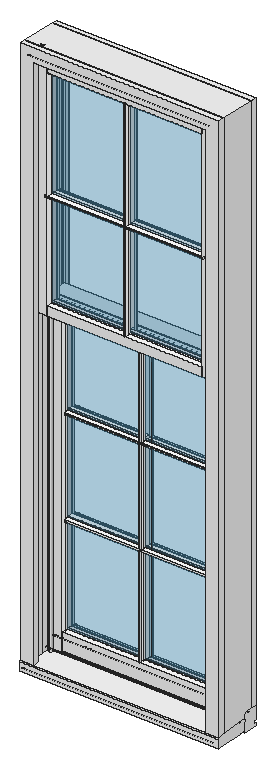
Revit family "S1-46", category Generic Models, Revit 2012
Parameters (values of type "Window Sill drawing")
  Width = 757 mm
  Height = 2144 mm
  GlazingPanelMaterial = Glass
  Floor Material = White
Reference planes
  plane 1 "Center (Front/Back)": y = 0
  plane 2: z = 0
  plane 3 "Center (Left/Right)": x = 0
  plane 4: z = 33
  plane 5: x = -714
  plane 6: x = -750
  plane 7: x = -718
  plane 8: x = 7
  plane 9: y = 67
  plane 10: y = -67
  plane 11: x = -25
  plane 12: z = 2144
  plane 13: z = 2112
  plane 14: y = -35.88
  plane 15: x = -705.5
  plane 16: x = -29
  plane 17: y = 35.12
  plane 18: x = -705.5
  plane 19: z = 622
  plane 20: z = 117
  plane 21: y = 72.25
  plane 22: x = -371.5
  plane 23: y = -35.88
  plane 24: x = -36
  plane 25: y = 35.12
  plane 26: x = -36
  plane 27: z = 1273.98
  plane 28: z = 1283.98
  plane 29: y = 46.992
  plane 30: y = 46.992
  plane 31: y = 46.992
  plane 32: z = 501.251
  plane 33: z = 2108
  plane 34: z = 1628
  plane 35: y = 46.992
  plane 36: y = 46.992
  plane 37: y = 46.992
  plane 38: y = -26.758
  plane 39: y = -26.758
  plane 40: y = -26.758
  plane 41: z = 1230.52
  plane 42: z = 857.04
  plane 43: y = 46.992
  plane 44: y = 46.992
  plane 45: y = 46.992
Forms (mm)
  Extrusion 1, solid, not visible
    sketch origin (0, 0, 9.375) x (0, 1, 0) y (0, 0, 1)
      loop
        line (94.662, 311.911) -> (94.314, 312.868) -> (95.314, 312.868) -> (93.454, 317.977) -> (86.115, 317.977) -> (85.011, 317.575) -> (64.143, 317.575) -> (64.143, 311.911) -> (94.662, 311.911)
    from 0 to 250
  Extrusion 2, solid, not visible
    sketch origin (0, 0, 9.375) x (0, 1, 0) y (0, 0, 1)
      loop
        line (93.688, 317.334) -> (85.92, 317.334) -> (87.101, 312.926) -> (95.293, 312.926) -> (93.688, 317.334)
      loop
        line (91.853, 322.376) -> (91.853, 328.194)
        arc (91.853, 328.194) -> (91.424, 329.231) -> (90.388, 329.66) r 1.465
        line (90.388, 329.66) -> (71.853, 329.66) -> (71.853, 322.376) -> (91.853, 322.376)
      loop
        line (73.373, 320.598) -> (64.143, 320.598) -> (64.143, 317.575) -> (73.373, 317.575) -> (73.373, 320.598)
      loop
        line (61.169, 311.884) -> (61.169, 316.884) -> (56.169, 316.884)
        arc (56.169, 316.884) -> (53.926, 317.813) -> (52.996, 320.057) r 3.173
        line (52.996, 320.057) -> (52.996, 327.594)
        arc (52.996, 327.594) -> (53.247, 329.284) -> (54.656, 330.25) r 2.138
        line (54.656, 330.25) -> (56.493, 330.25)
        arc (56.493, 330.25) -> (57.939, 329.727) -> (58.925, 328.548) r 2.95
        line (58.925, 328.548) -> (59.306, 324.922) -> (61.24, 324.922) -> (60.612, 330.901)
        arc (60.612, 330.901) -> (59.723, 332.646) -> (57.894, 333.348) r 2.733
        line (57.894, 333.348) -> (52.423, 333.348)
        arc (52.423, 333.348) -> (50.164, 330.795) -> (49.999, 327.391) r 5.139
        line (49.999, 327.391) -> (47.957, 316.884)
        arc (47.957, 316.884) -> (49.179, 314.507) -> (49.698, 311.884) r 9.583
        line (49.698, 311.884) -> (61.169, 311.884)
    from 0 to 250
  Extrusion 3, solid, not visible
    sketch origin (-848.022, -244.537, 0) x (1, 0, 0) y (0, 1, 0)
      loop
        line (-156.504, 643.402) -> (-146.504, 653.402) -> (-146.504, 655.402) -> (-162.504, 655.402) -> (-162.504, 703.402) -> (-199.504, 703.402)
        arc (-199.504, 703.402) -> (-201.625, 702.524) -> (-202.504, 700.402) r 3
        line (-202.504, 700.402) -> (-202.504, 695.402) -> (-196.504, 695.402) -> (-196.504, 692.402) -> (-202.504, 692.402) -> (-202.504, 679.402) -> (-196.504, 679.402) -> (-196.504, 667.402) -> (-202.504, 667.402) -> (-202.504, 646.402)
        arc (-202.504, 646.402) -> (-201.625, 644.281) -> (-199.504, 643.402) r 3
        line (-199.504, 643.402) -> (-156.504, 643.402)
    from 672 to 1294
  Extrusion 4, solid, not visible
    sketch origin (-848.022, -244.537, 0) x (1, 0, 0) y (0, 1, 0)
      loop
        line (-162.504, 700.402) -> (-162.504, 681.402) -> (-150.504, 681.402) -> (-150.504, 684.402) -> (-146.504, 685.402) -> (-146.504, 689.402) -> (-149.504, 689.402)
        arc (-149.504, 689.402) -> (-151.847, 695.059) -> (-157.504, 697.402) r 8
        line (-157.504, 697.402) -> (-157.504, 700.402) -> (-162.504, 700.402)
    from 672 to 1294
  Extrusion 5, solid, not visible
    sketch origin (-511.418, -643.152, -230) x (1, 0, 0) y (0, 1, 0)
      loop
        line (-200.504, 641.902) -> (-200.504, 638.902) -> (-198.254, 638.902) -> (-198.254, 634.902) -> (-195.818, 634.902) -> (-195.818, 638.902) -> (-193.504, 638.902) -> (-193.504, 641.902) -> (-195.282, 641.902) -> (-195.282, 641.116) -> (-194.482, 641.116) -> (-194.482, 639.814) -> (-199.81, 639.814) -> (-199.81, 641.116) -> (-199.01, 641.116) -> (-199.01, 641.902) -> (-200.504, 641.902)
    from 230 to 852
  Extrusion 6, solid, not visible
    sketch origin (-511.418, -643.152, -140) x (1, 0, 0) y (0, 1, 0)
      loop
        line (-194.482, 639.814) -> (-194.482, 641.116) -> (-199.81, 641.116) -> (-199.81, 639.814) -> (-194.482, 639.814)
    from 140 to 762
  Extrusion 7, solid, not visible
    sketch origin (-511.418, -643.152, 0) x (1, 0, 0) y (0, 1, 0)
      loop
        spline (-199.847, 645.779) -> (-199.478, 645.505) -> (-199.241, 645.183) -> (-199.108, 644.823) -> (-199.048, 644.431) -> (-199.033, 644.016) -> (-199.035, 643.585) -> (-199.023, 643.147) -> (-198.97, 642.709) -> (-198.847, 642.279) -> (-198.624, 641.865) -> (-198.272, 641.475) -> (-197.764, 641.116)
        line (-197.764, 641.116) -> (-196.529, 641.116)
        spline (-196.529, 641.116) -> (-195.991, 641.457) -> (-195.612, 641.839) -> (-195.363, 642.251) -> (-195.215, 642.684) -> (-195.139, 643.129) -> (-195.106, 643.577) -> (-195.086, 644.017) -> (-195.05, 644.441) -> (-194.969, 644.838) -> (-194.814, 645.2) -> (-194.556, 645.517) -> (-194.166, 645.779)
        line (-194.166, 645.779) -> (-199.847, 645.779)
    from 0 to 622
  Sweep 8, solid, material "White" <- "Floor Material"
    path origin (0, 0, 0) x (1, 0, 0) y (0, 0, 1)
      loop
        line (-725, 33) -> (-725, 2119) -> (-18, 2119) -> (-18, 33)
    profile origin (-371.5, 0, 2119) x (0, 0, 1) y (0, -1, 0)
      loop
        line (0, -4) -> (0, 4) -> (-17.634, 4) -> (-17.634, 2.635) -> (-15.193, 2.635) -> (-15.193, 1.135) -> (-22.193, 1.135) -> (-22.193, 2.635) -> (-19.789, 2.635) -> (-19.789, 4) -> (-21, 4)
        arc (-21, 4) -> (-25, 0) -> (-21, -4) r 4
        line (-21, -4) -> (0, -4)
  Sweep 9, solid, material "White" <- "Floor Material"
    path origin (0, 87, 0) x (1, 0, 0) y (0, 0, 1)
      loop
        line (7, 68.003) -> (7, 2144) -> (-750, 2144) -> (-750, 68.003)
    profile origin (-371.5, 87, 2144) x (0, 0, -1) y (0, -1, 0)
      loop
        line (0, 20) -> (0, 0) -> (32, 0) -> (32, 20) -> (23, 20) -> (23, 15) -> (15, 15) -> (15, 20) -> (0, 20)
  Sweep 10, solid, material "White" <- "Floor Material"
    path origin (0, -87, 0) x (1, 0, 0) y (0, 0, -1)
      loop
        line (7, -33) -> (7, -2144) -> (-750, -2144) -> (-750, -33)
    profile origin (-371.5, -87, 2144) x (0, 0, 1) y (0, 1, 0)
      loop
        line (0, 0) -> (0, 20) -> (-15, 20) -> (-15, 15) -> (-23, 15) -> (-23, 20) -> (-38, 20) -> (-38, 17) -> (-40.25, 17) -> (-40.25, 13) -> (-42.75, 13) -> (-42.75, 17) -> (-45, 17) -> (-45, 20) -> (-50, 20) -> (-50, 0) -> (0, 0)
  Sweep 11, solid, material "White" <- "Floor Material"
    path origin (0, 67, 0) x (-1, 0, 0) y (0, 0, -1)
      loop
        line (718, -2112) -> (718, -68) -> (25, -68) -> (25, -2112) -> (718, -2112)
    profile origin (-371.5, 67, 2112) x (0, 0, 1) y (0, -1, 0)
      loop
        line (0, -14) -> (0, 0) -> (-6.422, 0) -> (-6.422, -1.526) -> (-4.982, -1.526) -> (-4.982, -3.026) -> (-9.982, -3.026) -> (-9.982, -1.526) -> (-8.578, -1.526) -> (-8.578, 0) -> (-15, 0) -> (-15, -14)
        arc (-15, -14) -> (-9, -20) -> (-3, -14) r 6
        line (-3, -14) -> (0, -14)
  Extrusion 12, solid, material "White" <- "Floor Material"
    sketch origin (2366.619, -1603.085, 0) x (1, 0, 0) y (0, 1, 0)
      loop
        arc (-3077.619, 1597.085) -> (-3079.741, 1596.207) -> (-3080.619, 1594.085) r 3
        line (-3080.619, 1594.085) -> (-3080.619, 1589.085) -> (-3074.619, 1589.085) -> (-3074.619, 1586.085) -> (-3080.619, 1586.085) -> (-3080.619, 1577.085) -> (-3071.619, 1577.085)
        arc (-3071.619, 1577.085) -> (-3061.619, 1567.085) -> (-3071.619, 1557.085) r 10
        line (-3071.619, 1557.085) -> (-3080.619, 1557.085) -> (-3080.619, 1540.085)
        arc (-3080.619, 1540.085) -> (-3079.741, 1537.964) -> (-3077.619, 1537.085) r 3
        line (-3077.619, 1537.085) -> (-3034.619, 1537.085) -> (-3024.619, 1547.085) -> (-3024.619, 1549.085) -> (-3040.619, 1549.085) -> (-3040.619, 1597.085) -> (-3077.619, 1597.085)
    from 1230.52 to 2102.018
  Extrusion 13, solid
    sketch origin (2366.119, -1602.966, 373.48) x (1, 0, 0) y (0, 1, 0)
      loop
        circle (-3071.619, 1567.085) r 5
      loop
        circle (-3071.619, 1567.085) r 8.5
    from 932.713 to 1738
  Extrusion 14, solid, material "White" <- "Floor Material"
    sketch origin (0, -3460.083, 649.392) x (0, 1, 0) y (0, 0, 1)
      loop
        line (3432.083, 609.128) -> (3406.083, 609.128) -> (3406.083, 625.128) -> (3404.083, 625.128) -> (3394.083, 615.128) -> (3394.083, 581.128) -> (3418.083, 581.128) -> (3418.083, 586.128) -> (3430.083, 586.128) -> (3430.083, 581.128) -> (3461.083, 581.128) -> (3461.083, 586.128) -> (3459.083, 596.128) -> (3454.083, 596.128) -> (3454.083, 606.128) -> (3448.083, 606.128) -> (3448.083, 609.128) -> (3454.083, 609.128) -> (3454.083, 625.128) -> (3436.083, 625.128) -> (3435.083, 621.128) -> (3432.083, 621.128) -> (3432.083, 609.128)
    from -668 to -75
  Sweep 15, solid, material "White" <- "Floor Material"
    path origin (0.117, -27.5, -0.107) x (1, 0, 0) y (0, 0, 1)
      loop
        line (-674, 1274.646) -> (-674, 2067.587) -> (-69.217, 2067.587) -> (-69.217, 1274.646)
    profile origin (-371.491, -27.5, 2067.48) x (0, 0, 1) y (0, -1, 0)
      loop
        line (-4.893, -19) -> (0.107, -19) -> (0.107, 0) -> (-11.893, 0) -> (-11.893, -3) -> (-15.893, -4) -> (-15.893, -8) -> (-12.893, -8)
        arc (-12.893, -8) -> (-10.55, -13.657) -> (-4.893, -16) r 8
        line (-4.893, -16) -> (-4.893, -19)
  Extrusion 16, solid, material "White" <- "Floor Material"
    sketch origin (0, -3459.584, -3.128) x (0, 1, 0) y (0, 0, 1)
      loop
        line (3466.244, 47.894) -> (3371.218, 36.226)
        arc (3371.218, 36.226) -> (3369.337, 35.236) -> (3368.583, 33.248) r 3
        line (3368.583, 33.248) -> (3368.583, 3.128) -> (3373.583, 3.128) -> (3373.583, 5.128)
        arc (3373.583, 5.128) -> (3376.583, 8.128) -> (3379.583, 5.128) r 3
        line (3379.583, 5.128) -> (3379.583, 3.128) -> (3472.583, 3.128) -> (3472.583, 8.128) -> (3492.583, 8.128) -> (3492.583, 36.128) -> (3497.583, 36.128) -> (3497.583, 51.128) -> (3492.583, 51.128) -> (3469.505, 48.362) -> (3472.423, 46.122)
        arc (3472.423, 46.122) -> (3472.937, 44.504) -> (3471.279, 44.138) r 1.15
        line (3471.279, 44.138) -> (3466.244, 47.894)
    from -750 to 7
  Extrusion 17, solid, material "White" <- "Floor Material"
    sketch origin (0, -3459.584, -3.128) x (0, 1, 0) y (0, 0, 1)
      loop
        line (3526.583, 71.128) -> (3509.696, 69.054)
        arc (3509.696, 69.054) -> (3509.999, 68.671) -> (3510.398, 68.387) r 1.737
        line (3510.398, 68.387) -> (3513.646, 65.849)
        arc (3513.646, 65.849) -> (3513.653, 64.316) -> (3512.131, 64.138) r 1.15
        line (3512.131, 64.138) -> (3506.202, 68.606) -> (3492.583, 66.933) -> (3492.583, 62.041)
        arc (3492.583, 62.041) -> (3495.583, 59.041) -> (3492.583, 56.041) r 3
        line (3492.583, 56.041) -> (3492.583, 51.128) -> (3497.583, 51.128) -> (3497.583, 36.128) -> (3492.583, 36.128) -> (3492.583, 3.128) -> (3546.583, 3.128) -> (3546.583, 13.128) -> (3536.583, 13.128) -> (3536.583, 23.128) -> (3546.583, 23.128) -> (3546.583, 71.128) -> (3526.583, 71.128)
    from -750 to 7
  Extrusion 18, solid, material "White" <- "Floor Material"
    sketch origin (0, -3460.084, -3.125) x (0, 1, 0) y (0, 0, 1)
      loop
        line (3525.083, 116.128) -> (3477.083, 116.128) -> (3477.083, 132.128) -> (3475.083, 132.128) -> (3465.083, 122.128) -> (3465.083, 55.519)
        arc (3465.083, 55.519) -> (3466.096, 53.272) -> (3468.449, 52.541) r 3
        line (3468.449, 52.541) -> (3473.083, 53.11) -> (3473.083, 59.11) -> (3476.083, 59.11) -> (3476.083, 53.478) -> (3487.083, 54.829) -> (3487.083, 76.794) -> (3503.083, 76.794) -> (3503.083, 71.794) -> (3514.083, 73.144) -> (3514.083, 79.144) -> (3517.083, 79.144) -> (3517.083, 73.513) -> (3522.449, 74.171)
        arc (3522.449, 74.171) -> (3524.33, 75.161) -> (3525.083, 77.149) r 3
        line (3525.083, 77.149) -> (3525.083, 116.128)
    from -668 to -75
  Extrusion 19, solid, material "Glass"
    sketch origin (2366.619, -1602.584, 373.48) x (1, 0, 0) y (0, 1, 0)
      loop
        line (-3036.619, 1575.085) -> (-3036.619, 1571.085) -> (-2439.619, 1571.085) -> (-2439.619, 1575.085) -> (-3036.619, 1575.085)
      loop
        line (-3036.619, 1555.085) -> (-3036.619, 1551.085) -> (-2439.619, 1551.085) -> (-2439.619, 1555.085) -> (-3036.619, 1555.085)
    from 891.04 to 1720.303
  Sweep 20, solid
    path origin (0, -39.498, 0) x (1, 0, 0) y (0, 0, 1)
      loop
        line (-670, 2098.433) -> (-670, 1264.52) -> (-73, 1264.52) -> (-73, 2098.433) -> (-670, 2098.433)
    profile origin (-371.5, -39.498, 2098.433) x (0, 0, 1) y (0, -1, 0)
      loop
        line (0, -8) -> (0, 8) -> (-10, 8) -> (-10, -8) -> (0, -8)
  Extrusion 21, solid, material "White" <- "Floor Material"
    sketch origin (2366.619, -1532.085, -542) x (1, 0, 0) y (0, 1, 0)
      loop
        arc (-3077.619, 1597.085) -> (-3079.741, 1596.207) -> (-3080.619, 1594.085) r 3
        line (-3080.619, 1594.085) -> (-3080.619, 1577.085) -> (-3071.619, 1577.085)
        arc (-3071.619, 1577.085) -> (-3061.619, 1567.085) -> (-3071.619, 1557.085) r 10
        line (-3071.619, 1557.085) -> (-3080.619, 1557.085) -> (-3080.619, 1548.085) -> (-3074.619, 1548.085) -> (-3074.619, 1545.085) -> (-3080.619, 1545.085) -> (-3080.619, 1540.085)
        arc (-3080.619, 1540.085) -> (-3079.741, 1537.964) -> (-3077.619, 1537.085) r 3
        line (-3077.619, 1537.085) -> (-3034.619, 1537.085) -> (-3024.619, 1547.085) -> (-3024.619, 1549.085) -> (-3040.619, 1549.085) -> (-3040.619, 1597.085) -> (-3077.619, 1597.085)
    from 585.128 to 1788.539
  Extrusion 22, solid
    sketch origin (2366.119, -1531.966, -542) x (1, 0, 0) y (0, 1, 0)
      loop
        circle (-3071.619, 1567.085) r 5
      loop
        circle (-3071.619, 1567.085) r 8.5
    from 655 to 1415.166
  Extrusion 23, solid, material "White" <- "Floor Material"
    sketch origin (0, -3389.081, 107.411) x (0, 1, 0) y (0, 0, 1)
      loop
        line (3454.081, 1139.128) -> (3454.081, 1167.128) -> (3387.081, 1167.128) -> (3387.081, 1162.128) -> (3389.081, 1152.128) -> (3394.081, 1152.128) -> (3394.081, 1142.585) -> (3400.302, 1142.585) -> (3400.302, 1139.128) -> (3394.081, 1139.128) -> (3394.081, 1123.128) -> (3406.081, 1123.128) -> (3406.081, 1139.128) -> (3454.081, 1139.128)
    from -703 to -40
  Sweep 24, solid, material "White" <- "Floor Material"
    path origin (0.117, 43.5, -542.107) x (1, 0, 0) y (0, 0, 1)
      loop
        line (-674, 1788.646) -> (-674, 655.107) -> (-69.217, 655.107) -> (-69.217, 1788.646) -> (-674, 1788.646)
    profile origin (-371.491, 43.5, 1246.539) x (0, 0, 1) y (0, -1, 0)
      loop
        line (-4.893, -19) -> (0.107, -19) -> (0.107, 0) -> (-11.893, 0) -> (-11.893, -3) -> (-15.893, -4) -> (-15.893, -8) -> (-12.893, -8)
        arc (-12.893, -8) -> (-10.55, -13.657) -> (-4.893, -16) r 8
        line (-4.893, -16) -> (-4.893, -19)
  Extrusion 25, solid, material "Glass"
    sketch origin (2366.619, -1531.584, -541.101) x (1, 0, 0) y (0, 1, 0)
      loop
        line (-3036.619, 1575.085) -> (-3036.619, 1571.085) -> (-2439.619, 1571.085) -> (-2439.619, 1575.085) -> (-3036.619, 1575.085)
      loop
        line (-3036.619, 1555.085) -> (-3036.619, 1551.085) -> (-2439.619, 1551.085) -> (-2439.619, 1555.085) -> (-3036.619, 1555.085)
    from 658.101 to 1771.621
  Sweep 26, solid
    path origin (0, 31.502, -542) x (1, 0, 0) y (0, 0, 1)
      loop
        line (-670, 1812.018) -> (-670, 659.003) -> (-73, 659.003) -> (-73, 1812.018) -> (-670, 1812.018)
    profile origin (-371.5, 31.502, 1270.018) x (0, 0, 1) y (0, -1, 0)
      loop
        line (0, -8) -> (0, 8) -> (-10, 8) -> (-10, -8) -> (0, -8)
  Extrusion 27, solid, material "White" <- "Floor Material"
    sketch origin (0, -3459.584, -3.128) x (0, 1, 0) y (0, 0, 1)
      loop
        line (3466.244, 47.894) -> (3371.218, 36.226)
        arc (3371.218, 36.226) -> (3369.337, 35.236) -> (3368.583, 33.248) r 3
        line (3368.583, 33.248) -> (3368.583, 3.128) -> (3373.583, 3.128) -> (3373.583, 5.128)
        arc (3373.583, 5.128) -> (3376.583, 8.128) -> (3379.583, 5.128) r 3
        line (3379.583, 5.128) -> (3379.583, 3.128) -> (3472.583, 3.128) -> (3472.583, 8.128) -> (3492.583, 8.128) -> (3492.583, 36.128) -> (3497.583, 36.128) -> (3497.583, 51.128) -> (3492.583, 51.128) -> (3469.505, 48.362) -> (3472.423, 46.122)
        arc (3472.423, 46.122) -> (3472.937, 44.504) -> (3471.279, 44.138) r 1.15
        line (3471.279, 44.138) -> (3466.244, 47.894)
    from -750 to 7
  Extrusion 28, solid, material "White" <- "Floor Material"
    sketch origin (0, -3459.584, -3.128) x (0, 1, 0) y (0, 0, 1)
      loop
        line (3526.583, 71.128) -> (3509.696, 69.054)
        arc (3509.696, 69.054) -> (3509.999, 68.671) -> (3510.398, 68.387) r 1.737
        line (3510.398, 68.387) -> (3513.646, 65.849)
        arc (3513.646, 65.849) -> (3513.653, 64.316) -> (3512.131, 64.138) r 1.15
        line (3512.131, 64.138) -> (3506.202, 68.606) -> (3492.583, 66.933) -> (3492.583, 62.041)
        arc (3492.583, 62.041) -> (3495.583, 59.041) -> (3492.583, 56.041) r 3
        line (3492.583, 56.041) -> (3492.583, 51.128) -> (3497.583, 51.128) -> (3497.583, 36.128) -> (3492.583, 36.128) -> (3492.583, 3.128) -> (3546.583, 3.128) -> (3546.583, 13.128) -> (3536.583, 13.128) -> (3536.583, 23.128) -> (3546.583, 23.128) -> (3546.583, 71.128) -> (3526.583, 71.128)
    from -750 to 7
  Extrusion 29, solid, material "White" <- "Floor Material"
    sketch origin (-3355.619, -1603.085, 0) x (-1, 0, 0) y (0, -1, 0)
      loop
        line (-3323.619, -1597.085) -> (-3286.619, -1597.085) -> (-3286.619, -1549.085) -> (-3270.619, -1549.085) -> (-3270.619, -1547.085) -> (-3280.619, -1537.085) -> (-3323.619, -1537.085)
        arc (-3323.619, -1537.085) -> (-3325.741, -1537.964) -> (-3326.619, -1540.085) r 3
        line (-3326.619, -1540.085) -> (-3326.619, -1557.085) -> (-3317.619, -1557.085)
        arc (-3317.619, -1557.085) -> (-3307.619, -1567.085) -> (-3317.619, -1577.085) r 10
        line (-3317.619, -1577.085) -> (-3326.619, -1577.085) -> (-3326.619, -1586.085) -> (-3320.619, -1586.085) -> (-3320.619, -1589.085) -> (-3326.619, -1589.085) -> (-3326.619, -1594.085)
        arc (-3326.619, -1594.085) -> (-3325.741, -1596.207) -> (-3323.619, -1597.085) r 3
    from 1230.52 to 2102.018
  Extrusion 30, solid
    sketch origin (-3107.619, -1602.966, 373.48) x (-1, 0, 0) y (0, -1, 0)
      loop
        circle (-3071.619, -1567.085) r 5
      loop
        circle (-3071.619, -1567.085) r 8.5
    from 1738 to 898.5
  Extrusion 31, solid, material "White" <- "Floor Material"
    sketch origin (-3355.619, -1532.085, -542) x (-1, 0, 0) y (0, -1, 0)
      loop
        line (-3323.619, -1597.085) -> (-3286.619, -1597.085) -> (-3286.619, -1549.085) -> (-3270.619, -1549.085) -> (-3270.619, -1547.085) -> (-3280.619, -1537.085) -> (-3323.619, -1537.085)
        arc (-3323.619, -1537.085) -> (-3325.741, -1537.964) -> (-3326.619, -1540.085) r 3
        line (-3326.619, -1540.085) -> (-3326.619, -1545.085) -> (-3320.619, -1545.085) -> (-3320.619, -1548.085) -> (-3326.619, -1548.085) -> (-3326.619, -1557.085) -> (-3317.619, -1557.085)
        arc (-3317.619, -1557.085) -> (-3307.619, -1567.085) -> (-3317.619, -1577.085) r 10
        line (-3317.619, -1577.085) -> (-3326.619, -1577.085) -> (-3326.619, -1594.085)
        arc (-3326.619, -1594.085) -> (-3325.741, -1596.207) -> (-3323.619, -1597.085) r 3
    from 585.128 to 1788.539
  Extrusion 32, solid
    sketch origin (-3107.619, -1531.966, -542) x (-1, 0, 0) y (0, -1, 0)
      loop
        circle (-3071.619, -1567.085) r 5
      loop
        circle (-3071.619, -1567.085) r 8.5
    from 655 to 1414.04
  Sweep 33, solid, material "White" <- "Floor Material"
    path origin (0, 0, 0) x (1, 0, 0) y (0, 0, 1)
      loop
        line (-750, 33.101) -> (-750, 2144) -> (7, 2144) -> (7, 33.101)
    profile origin (-371.5, 0, 2144) x (0, 0, 1) y (0, -1, 0)
      loop
        line (0, -67) -> (0, 67) -> (-15, 67) -> (-15, 72) -> (-23, 72) -> (-23, 67) -> (-32, 67) -> (-32, 23.001) -> (-28.764, 19.765)
        arc (-28.764, 19.765) -> (-28.764, 18.428) -> (-30.101, 18.428) r 0.945
        line (-30.101, 18.428) -> (-32, 20.327) -> (-32, 4) -> (-25, 4) -> (-25, -4) -> (-32, -4) -> (-32, -67) -> (-23, -67) -> (-23, -72) -> (-15, -72) -> (-15, -67) -> (0, -67)
  Sweep 34, void
    path origin (0, 0, 0) x (1, 0, 0) y (0, 1, 0)
      loop
        line (-780, 0) -> (96, 0)
    profile origin (-342, 0, 0) x (0, 1, 0) y (0, 0, 1)
      loop
        line (6.579, 44.859) -> (-88.453, 33.191)
        arc (-88.453, 33.191) -> (-90.334, 32.201) -> (-91.087, 30.213) r 3
        line (-91.087, 30.213) -> (-103.128, 30.213) -> (-103.128, -6.095) -> (101.872, -6.095) -> (101.872, 68.092) -> (66.913, 68.092) -> (50.026, 66.019)
        arc (50.026, 66.019) -> (50.329, 65.635) -> (50.727, 65.352) r 1.737
        line (50.727, 65.352) -> (54.063, 62.721)
        arc (54.063, 62.721) -> (54.129, 61.261) -> (52.709, 60.915) r 1.15
        line (52.709, 60.915) -> (46.532, 65.57) -> (32.913, 63.898) -> (32.913, 59.005)
        arc (32.913, 59.005) -> (35.913, 56.005) -> (32.913, 53.005) r 3
        line (32.913, 53.005) -> (32.913, 48.092) -> (9.835, 45.327) -> (12.947, 42.938)
        arc (12.947, 42.938) -> (13.321, 41.324) -> (11.696, 41.01) r 1.15
        line (11.696, 41.01) -> (6.579, 44.859)
  Extrusion 35, solid, material "White" <- "Floor Material"
    sketch origin (-152.084, -46.104, 500.077) x (0, 0, 1) y (0, 1, 0)
      loop
        line (-8.825, 91.096) -> (11.175, 91.096) -> (11.175, 99.096) -> (9.175, 99.096) -> (9.175, 101.596) -> (3.675, 109.096) -> (3.675, 111.096) -> (-1.325, 111.096) -> (-1.325, 109.096) -> (-6.825, 101.596) -> (-6.825, 99.096) -> (-8.825, 99.096) -> (-8.825, 91.096)
      loop
        line (11.175, 62.296) -> (11.175, 65.096) -> (-8.825, 65.096) -> (-8.825, 62.296) -> (-1.325, 54.142) -> (-1.325, 52.142) -> (3.675, 52.142) -> (3.675, 54.142) -> (11.175, 62.296)
    from -78.091 to 505.916
  Extrusion 36, solid, material "White" <- "Floor Material"
    sketch origin (-152.084, 7.992, 899.345) x (0, 0, 1) y (0, 1, 0)
      loop
        line (-408.094, 34) -> (-408.094, 18) -> (-388.094, 18) -> (-388.094, 34) -> (-408.094, 34)
    from -77.084 to 515.916
  Extrusion 37, solid, material "White" <- "Floor Material"
    sketch origin (-2614.526, -119.588, 1636.825) x (0, 0, 1) y (0, -1, 0)
      loop
        line (-8.825, -93.096) -> (-8.825, -99.096) -> (-6.825, -99.096) -> (-6.825, -101.596) -> (-1.325, -109.096) -> (-1.325, -111.096) -> (3.675, -111.096) -> (3.675, -109.096) -> (9.175, -101.596) -> (9.175, -99.096) -> (11.175, -99.096) -> (11.175, -93.096) -> (-8.825, -93.096)
      loop
        line (-8.825, -61.911) -> (-8.825, -64.711) -> (11.175, -64.711) -> (3.624, -53.757) -> (3.624, -51.757) -> (-1.376, -51.757) -> (-1.376, -53.757) -> (-8.825, -61.911)
    from 1940.526 to 2545.533
  Extrusion 38, solid, material "White" <- "Floor Material"
    sketch origin (-2614.526, -65.742, 2036.094) x (0, 0, 1) y (0, -1, 0)
      loop
        line (-408.094, -34) -> (-388.094, -34) -> (-388.094, -18) -> (-408.094, -18) -> (-408.094, -34)
    from 1946.526 to 2540.533
  Extrusion 39, solid, material "White" <- "Floor Material"
    sketch origin (-372.675, -46.104, 338.837) x (1, 0, 0) y (0, 1, 0)
      loop
        line (-8.825, 91.096) -> (11.175, 91.096) -> (11.175, 99.096) -> (9.175, 99.096) -> (9.175, 101.596) -> (3.675, 109.096) -> (3.675, 111.096) -> (-1.325, 111.096) -> (-1.325, 109.096) -> (-6.825, 101.596) -> (-6.825, 99.096) -> (-8.825, 99.096) -> (-8.825, 91.096)
      loop
        line (11.175, 62.296) -> (11.175, 65.096) -> (-8.825, 65.096) -> (-8.825, 62.296) -> (-1.325, 54.142) -> (-1.325, 52.142) -> (3.675, 52.142) -> (3.675, 54.142) -> (11.175, 62.296)
    from -219.834 to 891.683
  Extrusion 40, solid, material "White" <- "Floor Material"
    sketch origin (26.594, 7.992, 338.837) x (1, 0, 0) y (0, 1, 0)
      loop
        line (-408.094, 34) -> (-408.094, 18) -> (-388.094, 18) -> (-388.094, 34) -> (-408.094, 34)
    from -219.834 to 544.663
  Extrusion 41, solid, material "White" <- "Floor Material"
    sketch origin (-372.675, -119.854, 1503.653) x (1, 0, 0) y (0, 1, 0)
      loop
        line (-8.825, 91.096) -> (11.175, 91.096) -> (11.175, 99.096) -> (9.175, 99.096) -> (9.175, 101.596) -> (3.675, 109.096) -> (3.675, 111.096) -> (-1.325, 111.096) -> (-1.325, 109.096) -> (-6.825, 101.596) -> (-6.825, 99.096) -> (-8.825, 99.096) -> (-8.825, 91.096)
      loop
        line (11.175, 62.296) -> (11.175, 65.096) -> (-8.825, 65.096) -> (-8.825, 62.296) -> (-1.325, 54.142) -> (-1.325, 52.142) -> (3.675, 52.142) -> (3.675, 54.142) -> (11.175, 62.296)
    from -239.133 to 557.827
  Extrusion 42, solid, material "White" <- "Floor Material"
    sketch origin (26.594, -65.758, 1503.653) x (1, 0, 0) y (0, 1, 0)
      loop
        line (-408.094, 34) -> (-408.094, 18) -> (-388.094, 18) -> (-388.094, 34) -> (-408.094, 34)
    from -219.834 to 590.13
  Extrusion 43, solid, material "White" <- "Floor Material"
    sketch origin (-152.084, -46.104, 865.865) x (0, 0, 1) y (0, 1, 0)
      loop
        line (-8.825, 91.096) -> (11.175, 91.096) -> (11.175, 99.096) -> (9.175, 99.096) -> (9.175, 101.596) -> (3.675, 109.096) -> (3.675, 111.096) -> (-1.325, 111.096) -> (-1.325, 109.096) -> (-6.825, 101.596) -> (-6.825, 99.096) -> (-8.825, 99.096) -> (-8.825, 91.096)
      loop
        line (11.175, 62.296) -> (11.175, 65.096) -> (-8.825, 65.096) -> (-8.825, 62.296) -> (-1.325, 54.142) -> (-1.325, 52.142) -> (3.675, 52.142) -> (3.675, 54.142) -> (11.175, 62.296)
    from -78.091 to 505.916
  Extrusion 44, solid, material "White" <- "Floor Material"
    sketch origin (-152.084, 7.992, 1265.134) x (0, 0, 1) y (0, 1, 0)
      loop
        line (-408.094, 34) -> (-408.094, 18) -> (-388.094, 18) -> (-388.094, 34) -> (-408.094, 34)
    from -77.084 to 515.916
  Extrusion 45, solid, material "White" <- "Floor Material"
    sketch origin (-3411.623, -1603.085, -973.139) x (0, 0, -1) y (0, 1, 0)
      loop
        arc (-3078.139, 1597.085) -> (-3080.261, 1596.207) -> (-3081.139, 1594.085) r 3
        line (-3081.139, 1594.085) -> (-3081.139, 1589.085) -> (-3075.139, 1589.085) -> (-3075.139, 1586.085) -> (-3081.139, 1586.085) -> (-3081.139, 1573.816) -> (-3081.139, 1540.085)
        arc (-3081.139, 1540.085) -> (-3080.261, 1537.964) -> (-3078.139, 1537.085) r 3
        line (-3078.139, 1537.085) -> (-3034.619, 1537.085) -> (-3024.619, 1547.085) -> (-3024.619, 1549.085) -> (-3040.619, 1549.085) -> (-3040.619, 1597.085) -> (-3078.139, 1597.085)
    from 2743.621 to 3336.625
  Extrusion 46, solid
    sketch origin (0, 0, 1120) x (0, 1, 0) y (0, 0, 1)
      loop
        line (-74, 982.5) -> (-72.319, 981.278) -> (-72.319, 982.145) -> (-71.424, 981.25) -> (-71.424, 982.145) -> (-70.574, 981.25) -> (-70.813, 982.145) -> (-70, 982.145) -> (-70, 979) -> (-67, 979) -> (-67, 981.25) -> (-67.972, 981.25) -> (-67.972, 980) -> (-69.5, 980) -> (-69.5, 985) -> (-67.972, 985) -> (-67.972, 983.75) -> (-67, 983.75) -> (-67, 986) -> (-70, 986) -> (-70, 982.855) -> (-70.813, 982.855) -> (-70.574, 983.75) -> (-71.424, 982.855) -> (-71.424, 983.75) -> (-72.319, 982.855) -> (-72.319, 983.722) -> (-74, 982.5)
    from -8 to -735
  Extrusion 47, solid
    sketch origin (0, 0, 1120) x (0, 1, 0) y (0, 0, 1)
      loop
        line (-67.972, 980) -> (-67.972, 981.974) -> (-66.727, 981.255) -> (-61.956, 980.921) -> (-61.034, 980) -> (-61.034, 985) -> (-61.956, 984.079) -> (-66.727, 983.745) -> (-67.972, 983.026) -> (-67.972, 985) -> (-69.5, 985) -> (-69.5, 980) -> (-67.972, 980)
    from -8 to -735
  Extrusion 48, solid
    sketch origin (0, 120.753, 1120) x (0, 1, 0) y (0, 0, 1)
      loop
        line (-52.227, 982.017) -> (-50.727, 982.017) -> (-50.727, 987.017) -> (-52.227, 987.017) -> (-52.227, 984.829) -> (-53.472, 985.548) -> (-58.244, 985.881) -> (-59.165, 986.803) -> (-59.165, 982.232) -> (-58.244, 983.154) -> (-53.472, 983.487) -> (-52.227, 984.206) -> (-52.227, 982.017)
    from -8 to -735
  Extrusion 49, solid
    sketch origin (0, 49.878, 1108.779) x (0, 1, 0) y (0, 0, 1)
      loop
        line (-52.513, 988.028) -> (-51.013, 988.028) -> (-51.013, 995.028) -> (-52.513, 995.028) -> (-52.513, 991.853) -> (-53.758, 992.571) -> (-58.53, 992.905) -> (-59.451, 993.826) -> (-59.451, 989.229) -> (-58.53, 990.15) -> (-53.758, 990.484) -> (-52.513, 991.203) -> (-52.513, 988.028)
    from -8 to -735
  Extrusion 50, solid
    sketch origin (0, 120.753, -911.814) x (0, 1, 0) y (0, 0, 1)
      loop
        line (-52.227, 984.796) -> (-50.727, 984.796) -> (-50.727, 989.796) -> (-52.227, 989.796) -> (-52.227, 987.608) -> (-53.472, 988.326) -> (-58.244, 988.66) -> (-59.165, 989.581) -> (-59.165, 985.011) -> (-58.244, 985.932) -> (-53.472, 986.266) -> (-52.227, 986.985) -> (-52.227, 984.796)
    from -8 to -735
  Extrusion 51, solid, material "Sill"
    sketch origin (0, -414.376, -129.702) x (0, 1, 0) y (0, 0, 1)
      loop
        line (399.221, 2233.777) -> (400.073, 2233.777) -> (401.113, 2234.377) -> (401.113, 2235.331) -> (400.073, 2234.731) -> (400.073, 2238.748) -> (394.12, 2238.748) -> (393.337, 2238.494) -> (394.134, 2238.204) -> (399.221, 2238.204) -> (399.221, 2233.777)
    from -735 to -8
  Extrusion 52, solid
    sketch origin (0, -4.941, 1122.02) x (0, 1, 0) y (0, 0, 1)
      loop
        arc (-19.175, 986.98) -> (-18.882, 986.273) -> (-18.175, 985.98) r 1
        line (-18.175, 985.98) -> (-11.098, 985.98)
        arc (-11.098, 985.98) -> (-10.406, 985.393) -> (-9.92, 984.627) r 3.012
        line (-9.92, 984.627) -> (-9.92, 983.485) -> (-12.998, 983.485) -> (-12.998, 982.53) -> (-9.42, 982.28) -> (-9.42, 984.649) -> (-9.063, 985.499) -> (-9.063, 986.715)
        arc (-9.063, 986.715) -> (-9.356, 987.422) -> (-10.063, 987.715) r 1
        line (-10.063, 987.715) -> (-15.237, 987.715)
        arc (-15.237, 987.715) -> (-16.161, 988.332) -> (-15.944, 989.422) r 1
        line (-15.944, 989.422) -> (-13.487, 991.879)
        arc (-13.487, 991.879) -> (-13.487, 993.216) -> (-14.824, 993.216) r 0.945
        line (-14.824, 993.216) -> (-19.175, 988.865) -> (-19.175, 986.98)
      loop
        arc (-13.841, 992.232) -> (-13.841, 992.862) -> (-14.471, 992.862) r 0.445
        line (-14.471, 992.862) -> (-18.675, 988.658) -> (-18.675, 986.98)
        arc (-18.675, 986.98) -> (-18.529, 986.627) -> (-18.175, 986.48) r 0.5
        line (-18.175, 986.48) -> (-10.962, 986.48)
        arc (-10.962, 986.48) -> (-10.157, 985.861) -> (-9.563, 985.037) r 3.512
        line (-9.563, 985.037) -> (-9.563, 986.715)
        arc (-9.563, 986.715) -> (-9.709, 987.068) -> (-10.063, 987.215) r 0.5
        line (-10.063, 987.215) -> (-15.237, 987.215)
        arc (-15.237, 987.215) -> (-16.623, 988.141) -> (-16.298, 989.775) r 1.5
        line (-16.298, 989.775) -> (-13.841, 992.232)
    from -735 to -8
  Extrusion 53, solid, material "Sill"
    sketch origin (0, -343.749, 2308.73) x (0, 1, 0) y (0, 0, 1)
      loop
        line (398.83, -2233.777) -> (398.83, -2239.91) -> (394.818, -2240.411) -> (393.98, -2241.004) -> (394.938, -2241.371) -> (399.682, -2240.778) -> (399.682, -2234.506) -> (401.113, -2235.331) -> (401.113, -2234.377) -> (400.073, -2233.777) -> (398.83, -2233.777)
    from -735 to -8
  Extrusion 54, solid
    sketch origin (0, -0.011, 3.132) x (0, 1, 0) y (0, 0, 1)
      loop
        line (46.879, 64.971) -> (46.879, 62.157) -> (52.486, 57.931)
        arc (52.486, 57.931) -> (54.044, 58.035) -> (54.063, 59.596) r 1.15
        line (54.063, 59.596) -> (50.406, 62.453)
        arc (50.406, 62.453) -> (50.168, 63.172) -> (50.741, 63.666) r 0.681
        line (50.741, 63.666) -> (54.979, 64.196)
        arc (54.979, 64.196) -> (55.906, 64.686) -> (56.276, 65.666) r 1.481
        line (56.276, 65.666) -> (56.276, 71.596) -> (52.699, 71.346) -> (52.699, 70.391) -> (55.776, 70.391) -> (55.776, 67.112) -> (48.075, 66.167)
        arc (48.075, 66.167) -> (47.229, 65.817) -> (46.879, 64.971) r 1.196
      loop
        arc (48.084, 65.67) -> (47.588, 65.465) -> (47.383, 64.969) r 0.701
        line (47.383, 64.969) -> (47.383, 62.403) -> (52.795, 58.325)
        arc (52.795, 58.325) -> (53.665, 58.363) -> (53.716, 59.233) r 0.65
        line (53.716, 59.233) -> (50.098, 62.059)
        arc (50.098, 62.059) -> (49.686, 63.305) -> (50.679, 64.162) r 1.181
        line (50.679, 64.162) -> (54.917, 64.692)
        arc (54.917, 64.692) -> (55.531, 65.017) -> (55.776, 65.666) r 0.981
        line (55.776, 65.666) -> (55.776, 66.682) -> (48.084, 65.67)
    from -735 to -8
  Extrusion 55, solid, material "Sill"
    sketch origin (0, -384.59, 2288.724) x (0, 1, 0) y (0, 0, 1)
      loop
        line (398.83, -2233.777) -> (398.83, -2239.91) -> (394.818, -2240.411) -> (393.98, -2241.004) -> (394.938, -2241.371) -> (399.682, -2240.778) -> (399.682, -2234.506) -> (401.113, -2235.331) -> (401.113, -2234.377) -> (400.073, -2233.777) -> (398.83, -2233.777)
    from -735 to -8
  Extrusion 56, solid
    sketch origin (0, -40.852, -16.875) x (0, 1, 0) y (0, 0, 1)
      loop
        line (46.879, 64.971) -> (46.879, 62.157) -> (52.486, 57.931)
        arc (52.486, 57.931) -> (54.044, 58.035) -> (54.063, 59.596) r 1.15
        line (54.063, 59.596) -> (50.406, 62.453)
        arc (50.406, 62.453) -> (50.168, 63.172) -> (50.741, 63.666) r 0.681
        line (50.741, 63.666) -> (54.979, 64.196)
        arc (54.979, 64.196) -> (55.906, 64.686) -> (56.276, 65.666) r 1.481
        line (56.276, 65.666) -> (56.276, 71.596) -> (52.699, 71.346) -> (52.699, 70.391) -> (55.776, 70.391) -> (55.776, 67.112) -> (48.075, 66.167)
        arc (48.075, 66.167) -> (47.229, 65.817) -> (46.879, 64.971) r 1.196
      loop
        arc (48.084, 65.67) -> (47.588, 65.465) -> (47.383, 64.969) r 0.701
        line (47.383, 64.969) -> (47.383, 62.403) -> (52.795, 58.325)
        arc (52.795, 58.325) -> (53.665, 58.363) -> (53.716, 59.233) r 0.65
        line (53.716, 59.233) -> (50.098, 62.059)
        arc (50.098, 62.059) -> (49.686, 63.305) -> (50.679, 64.162) r 1.181
        line (50.679, 64.162) -> (54.917, 64.692)
        arc (54.917, 64.692) -> (55.531, 65.017) -> (55.776, 65.666) r 0.981
        line (55.776, 65.666) -> (55.776, 66.682) -> (48.084, 65.67)
    from -735 to -8
  Extrusion 57, solid, material "Sill"
    sketch origin (0, 2244.343, 1647.671) x (0, 0, -1) y (0, 1, 0)
      loop
        line (398.83, -2233.777) -> (398.83, -2239.91) -> (394.818, -2240.411) -> (393.98, -2241.004) -> (394.938, -2241.371) -> (399.682, -2240.778) -> (399.682, -2234.506) -> (401.113, -2235.331) -> (401.113, -2234.377) -> (400.073, -2233.777) -> (398.83, -2233.777)
    from -735 to -8
  Extrusion 58, solid
    sketch origin (0, -61.256, 1303.932) x (0, 0, -1) y (0, 1, 0)
      loop
        line (46.879, 64.971) -> (46.879, 62.157) -> (52.486, 57.931)
        arc (52.486, 57.931) -> (54.044, 58.035) -> (54.063, 59.596) r 1.15
        line (54.063, 59.596) -> (50.406, 62.453)
        arc (50.406, 62.453) -> (50.168, 63.172) -> (50.741, 63.666) r 0.681
        line (50.741, 63.666) -> (54.979, 64.196)
        arc (54.979, 64.196) -> (55.906, 64.686) -> (56.276, 65.666) r 1.481
        line (56.276, 65.666) -> (56.276, 71.596) -> (52.699, 71.346) -> (52.699, 70.391) -> (55.776, 70.391) -> (55.776, 67.112) -> (48.075, 66.167)
        arc (48.075, 66.167) -> (47.229, 65.817) -> (46.879, 64.971) r 1.196
      loop
        arc (48.084, 65.67) -> (47.588, 65.465) -> (47.383, 64.969) r 0.701
        line (47.383, 64.969) -> (47.383, 62.403) -> (52.795, 58.325)
        arc (52.795, 58.325) -> (53.665, 58.363) -> (53.716, 59.233) r 0.65
        line (53.716, 59.233) -> (50.098, 62.059)
        arc (50.098, 62.059) -> (49.686, 63.305) -> (50.679, 64.162) r 1.181
        line (50.679, 64.162) -> (54.917, 64.692)
        arc (54.917, 64.692) -> (55.531, 65.017) -> (55.776, 65.666) r 0.981
        line (55.776, 65.666) -> (55.776, 66.682) -> (48.084, 65.67)
    from -735 to -8
  Extrusion 59, solid, material "Sill"
    sketch origin (0, -2245.133, 857.411) x (0, 0, 1) y (0, -1, 0)
      loop
        line (398.83, -2233.777) -> (398.83, -2239.771) -> (393.875, -2240.39) -> (393.172, -2240.784) -> (393.95, -2240.992) -> (399.436, -2240.306) -> (399.436, -2234.364) -> (401.113, -2235.331) -> (401.113, -2234.377) -> (400.073, -2233.777) -> (398.83, -2233.777)
    from -735 to -8
  Extrusion 60, solid
    sketch origin (0, 60.466, 1201.149) x (0, 0, 1) y (0, -1, 0)
      loop
        line (45.751, 66.361) -> (45.751, 61.738) -> (50.715, 58.245)
        arc (50.715, 58.245) -> (51.921, 58.359) -> (51.995, 59.568) r 0.932
        line (51.995, 59.568) -> (48.721, 62.126)
        arc (48.721, 62.126) -> (48.463, 63.19) -> (49.212, 63.988) r 1.15
        line (49.212, 63.988) -> (55.448, 64.767)
        arc (55.448, 64.767) -> (56.374, 65.257) -> (56.745, 66.237) r 1.481
        line (56.745, 66.237) -> (56.745, 71.629) -> (52.699, 71.346) -> (52.699, 70.391) -> (55.698, 70.391) -> (55.698, 66.361) -> (45.751, 66.361)
      loop
        arc (55.469, 65.264) -> (55.766, 65.621) -> (55.427, 65.939) r 0.339
        line (55.427, 65.939) -> (46.251, 65.939) -> (46.251, 61.997) -> (51.003, 58.654)
        arc (51.003, 58.654) -> (51.542, 58.688) -> (51.625, 59.222) r 0.432
        line (51.625, 59.222) -> (48.366, 61.761)
        arc (48.366, 61.761) -> (47.909, 63.2) -> (48.786, 64.428) r 1.688
        line (48.786, 64.428) -> (55.469, 65.264)
    from -735 to -8
Cuts and joins
  Sweep 34 cuts Sweep 8
  Sweep 34 cuts Sweep 10
  Sweep 34 cuts Sweep 33
Dimensions and locks
  plane 12 to plane 13 = 32 mm
  plane 20 to level = 117 mm
  "Height": plane 12 to level
  "Width": plane 6 to plane 8
  equal spacing: plane 6, plane 22, plane 8
  plane 6 to plane 8 = 757 mm
  Extrusion 35 sketch curve to Extrusion 35 sketch curve = 8 mm  (x2)
  Extrusion 35 sketch curve to Extrusion 35 sketch curve = 26 mm
  locked: plane 13 to plane 33 at 4
  plane 34 to level = 1628 mm
  plane 8 to plane 11 = 32 mm
  plane 11 to plane 16 = 4 mm
  Extrusion 39 sketch curve to Extrusion 39 sketch curve = 8 mm  (x2)
  Extrusion 39 sketch curve to Extrusion 39 sketch curve = 26 mm
  Extrusion 41 sketch curve to Extrusion 41 sketch curve = 8 mm  (x2)
  Extrusion 41 sketch curve to Extrusion 41 sketch curve = 26 mm
  plane 41 to level = 1230.52 mm
  plane 42 to level = 857.04 mm
  Extrusion 43 sketch curve to Extrusion 43 sketch curve = 8 mm  (x2)
  Extrusion 43 sketch curve to Extrusion 43 sketch curve = 26 mm
  Extrusion 45 to level = 2051.48 mm
  aligned and locked: level to plane 2
  aligned and locked: plane 5 to Extrusion 12
  aligned and locked: Sweep 9 to plane 9
  aligned and locked: plane 10 to Sweep 10
  aligned and locked: plane 6 to Sweep 10
  aligned and locked: plane 6 to Sweep 9
  aligned and locked: plane 8 to Sweep 9
  aligned and locked: plane 8 to Sweep 10
  aligned and locked: plane 11 to Sweep 11
  aligned and locked: Sweep 11 to plane 7
  aligned and locked: plane 12 to Sweep 10
  aligned and locked: plane 5 to Extrusion 13
  aligned and locked: Sweep 33 sketch curve to plane 12
  aligned and locked: Sweep 33 sketch curve to plane 8
  aligned and locked: plane 6 to Sweep 33 sketch curve
  aligned and locked: Sweep 20 sketch curve to Extrusion 14
  aligned and locked: Extrusion 47 to Extrusion 46  (x2)
  aligned and locked: Extrusion 46 to Sweep 9  (x2)
  aligned and locked: Extrusion 48 to Sweep 9  (x2)
  aligned and locked: Extrusion 49 to Sweep 9  (x2)
  aligned and locked: Extrusion 50 to Sweep 9  (x2)
  aligned and locked: Extrusion 52 to Extrusion 51
  aligned and locked: Extrusion 51 to Extrusion 52
  aligned and locked: Extrusion 52 to Sweep 9  (x2)
  aligned and locked: Extrusion 54 to Extrusion 53
  aligned and locked: Extrusion 54 to Sweep 9  (x2)
  aligned and locked: Extrusion 53 to Extrusion 54
  aligned and locked: Extrusion 55 to Extrusion 56
  aligned and locked: Sweep 9 to Extrusion 55
  aligned and locked: Extrusion 56 to Sweep 9
  aligned and locked: Extrusion 55 to Sweep 9
  aligned and locked: Extrusion 57 to Extrusion 59
  aligned and locked: Extrusion 60 to Extrusion 59
  aligned and locked: Extrusion 60 to Extrusion 58
  aligned and locked: Extrusion 59 to Extrusion 58
  aligned and locked: Extrusion 59 to Extrusion 57
  aligned and locked: Extrusion 59 to Extrusion 60
  aligned and locked: Extrusion 60 to Sweep 9
  aligned and locked: Extrusion 59 to Sweep 9
Automatic sketch dimensions
  Extrusion 13 sketch curve to Extrusion 13 sketch curve = 0 mm  (x2)
  Extrusion 13 sketch curve to plane 14 = 0 mm
  Extrusion 13 sketch curve to plane 15 = 0 mm
  Extrusion 22 sketch curve to Extrusion 22 sketch curve = 0 mm  (x2)
  Extrusion 22 sketch curve to plane 17 = 0 mm
  Extrusion 22 sketch curve to plane 18 = 0 mm
  Extrusion 30 sketch curve to Extrusion 30 sketch curve = 0 mm  (x2)
  Extrusion 30 sketch curve to plane 23 = 0 mm
  Extrusion 30 sketch curve to plane 24 = 0 mm
  Extrusion 32 sketch curve to Extrusion 32 sketch curve = 0 mm  (x2)
  Extrusion 32 sketch curve to plane 25 = 0 mm
  Extrusion 32 sketch curve to plane 26 = 0 mm
  Extrusion 36 sketch curve to plane 32 = 10 mm
  plane 32 to Extrusion 36 sketch curve = 10 mm
  Extrusion 36 sketch curve to plane 1 "Center (Front/Back)" = 25.992 mm
  Extrusion 36 sketch curve to Extrusion 36 sketch curve = 16 mm
  Extrusion 38 sketch curve to plane 34 = 0 mm
  Extrusion 38 sketch curve to Extrusion 38 sketch curve = 20 mm
  plane 1 "Center (Front/Back)" to Extrusion 38 sketch curve = 31.742 mm
  Extrusion 38 sketch curve to Extrusion 38 sketch curve = 16 mm
  plane 22 to Extrusion 40 sketch curve = 10 mm
  Extrusion 40 sketch curve to plane 22 = 10 mm
  Extrusion 40 sketch curve to plane 1 "Center (Front/Back)" = 25.992 mm
  Extrusion 40 sketch curve to Extrusion 40 sketch curve = 16 mm
  Extrusion 44 sketch curve to plane 42 = 0 mm
  Extrusion 44 sketch curve to Extrusion 44 sketch curve = 20 mm
  Extrusion 44 sketch curve to plane 1 "Center (Front/Back)" = 25.992 mm
  Extrusion 44 sketch curve to Extrusion 44 sketch curve = 16 mm
  Sweep 8 sketch curve to plane 4 = 0 mm  (x2)
  Sweep 8 sketch curve to plane 7 = 7 mm
  plane 11 to Sweep 8 sketch curve = 7 mm
  plane 13 to Sweep 8 sketch curve = 7 mm
  Sweep 8 sketch curve to profile plane = 0 mm
  profile plane to Sweep 8 sketch curve = 0 mm
  profile plane to Sweep 8 sketch curve = 2.635 mm
  profile plane to Sweep 8 sketch curve = 15.193 mm
  Sweep 8 sketch curve to Sweep 8 sketch curve = 2.44 mm
  Sweep 8 sketch curve to Sweep 8 sketch curve = 2.155 mm
  Sweep 8 sketch curve to Sweep 8 sketch curve = 1.211 mm
  Sweep 8 sketch curve to Sweep 8 sketch curve = 1.193 mm
  Sweep 8 sketch curve to profile plane = 4 mm
  profile plane to Sweep 8 sketch curve = 1.135 mm
  Sweep 8 sketch curve to Sweep 8 sketch curve = 1.5 mm
  Sweep 8 sketch curve to Sweep 8 sketch curve = 1.365 mm
  plane 6 to Sweep 9 sketch curve = 0 mm
  Sweep 9 sketch curve to plane 8 = 0 mm
  Sweep 9 sketch curve to plane 12 = 0 mm
  plane 4 to Sweep 9 sketch curve = 35.003 mm  (x2)
  Sweep 9 sketch curve to profile plane = 0 mm  (x2)
  Sweep 9 sketch curve to profile plane = 15 mm
  Sweep 9 sketch curve to Sweep 9 sketch curve = 8 mm
  Sweep 9 sketch curve to Sweep 9 sketch curve = 9 mm
  profile plane to Sweep 9 sketch curve = 15 mm
  Sweep 9 sketch curve to Sweep 9 sketch curve = 5 mm  (x2)
  plane 6 to Sweep 10 sketch curve = 0 mm
  Sweep 10 sketch curve to plane 8 = 0 mm
  Sweep 10 sketch curve to plane 12 = 0 mm
  Sweep 10 sketch curve to plane 4 = 0 mm  (x2)
  Sweep 10 sketch curve to profile plane = 0 mm
  profile plane to Sweep 10 sketch curve = 0 mm
  profile plane to Sweep 10 sketch curve = 15 mm  (x2)
  Sweep 10 sketch curve to Sweep 10 sketch curve = 8 mm
  Sweep 10 sketch curve to Sweep 10 sketch curve = 15 mm
  Sweep 10 sketch curve to Sweep 10 sketch curve = 2.25 mm  (x2)
  Sweep 10 sketch curve to Sweep 10 sketch curve = 2.5 mm
  Sweep 10 sketch curve to Sweep 10 sketch curve = 5 mm  (x2)
  profile plane to Sweep 10 sketch curve = 13 mm
  Sweep 10 sketch curve to Sweep 10 sketch curve = 4 mm
  Sweep 10 sketch curve to Sweep 10 sketch curve = 0 mm
  Sweep 10 sketch curve to Sweep 10 sketch curve = 3 mm  (x2)
  Sweep 11 sketch curve to plane 11 = 0 mm
  Sweep 11 sketch curve to plane 7 = 0 mm
  Sweep 11 sketch curve to plane 13 = 0 mm
  plane 4 to Sweep 11 sketch curve = 35 mm
  Sweep 11 sketch curve to profile plane = 0 mm  (x2)
  profile plane to Sweep 11 sketch curve = 0 mm
  Sweep 11 sketch curve to Sweep 11 sketch curve = 3 mm
  Sweep 11 sketch curve to profile plane = 1.526 mm  (x2)
  profile plane to Sweep 11 sketch curve = 4.982 mm
  Sweep 11 sketch curve to Sweep 11 sketch curve = 1.44 mm
  Sweep 11 sketch curve to Sweep 11 sketch curve = 2.155 mm
  Sweep 11 sketch curve to Sweep 11 sketch curve = 6 mm
  Sweep 11 sketch curve to Sweep 11 sketch curve = 1.405 mm
  Sweep 11 sketch curve to Sweep 11 sketch curve = 1.5 mm
  Sweep 11 sketch curve to Sweep 11 sketch curve = 10.974 mm
  Extrusion 12 sketch curve to plane 5 = 0 mm  (x3)
  Extrusion 12 sketch curve to plane 5 = 3 mm  (x2)
  plane 10 to Extrusion 12 sketch curve = 1 mm
  Extrusion 12 sketch curve to Extrusion 12 sketch curve = 3 mm  (x2)
  Extrusion 12 sketch curve to Extrusion 12 sketch curve = 9 mm  (x2)
  Extrusion 12 sketch curve to Extrusion 12 sketch curve = 34 mm
  Extrusion 12 sketch curve to Extrusion 12 sketch curve = 6 mm
  Extrusion 12 sketch curve to Extrusion 12 sketch curve = 10 mm  (x2)
  plane 10 to Extrusion 12 sketch curve = 11 mm
  plane 10 to Extrusion 12 sketch curve = 13 mm
  Extrusion 12 sketch curve to Extrusion 12 sketch curve = 17 mm
  Extrusion 12 sketch curve to Extrusion 12 sketch curve = 8 mm
  Extrusion 14 sketch curve to plane 41 = 0 mm  (x2)
  plane 10 to Extrusion 14 sketch curve = 1 mm
  plane 27 to Extrusion 14 sketch curve = 0.54 mm  (x2)
  plane 10 to Extrusion 14 sketch curve = 11 mm
  plane 10 to Extrusion 14 sketch curve = 13 mm
  Extrusion 14 sketch curve to Extrusion 14 sketch curve = 24 mm
  plane 41 to Extrusion 14 sketch curve = 5 mm  (x2)
  Extrusion 14 sketch curve to Extrusion 14 sketch curve = 12 mm
  Extrusion 14 sketch curve to Extrusion 14 sketch curve = 2 mm
  Extrusion 14 sketch curve to Extrusion 14 sketch curve = 3 mm  (x2)
  Extrusion 14 sketch curve to Extrusion 14 sketch curve = 1 mm
  Extrusion 14 sketch curve to plane 1 "Center (Front/Back)" = 1 mm
  Extrusion 14 sketch curve to Extrusion 14 sketch curve = 10 mm  (x2)
  Extrusion 14 sketch curve to plane 27 = 15.46 mm
  Extrusion 14 sketch curve to plane 27 = 9.46 mm
  Extrusion 14 sketch curve to plane 27 = 3.46 mm
  Sweep 15 sketch curve to plane 5 = 40.117 mm
  Sweep 15 sketch curve to plane 16 = 40.1 mm
  plane 27 to Sweep 15 sketch curve = 0.559 mm  (x2)
  Sweep 15 sketch curve to plane 33 = 40.52 mm
  Sweep 15 sketch curve to profile plane = 0 mm
  Sweep 15 sketch curve to profile plane = 8 mm
  profile plane to Sweep 15 sketch curve = 15.893 mm
  Sweep 15 sketch curve to Sweep 15 sketch curve = 3 mm  (x3)
  Sweep 15 sketch curve to Sweep 15 sketch curve = 4 mm  (x2)
  profile plane to Sweep 15 sketch curve = 4.893 mm
  Sweep 15 sketch curve to profile plane = 0.107 mm
  Extrusion 16 sketch curve to level = 0 mm  (x2)
  Extrusion 16 sketch curve to plane 4 = 0 mm
  Extrusion 16 sketch curve to plane 4 = 2.879 mm
  Extrusion 16 sketch curve to plane 10 = 24 mm
  plane 4 to Extrusion 16 sketch curve = 0.098 mm
  Extrusion 16 sketch curve to Extrusion 16 sketch curve = 2.634 mm
  Extrusion 16 sketch curve to Extrusion 16 sketch curve = 5 mm  (x2)
  level to Extrusion 16 sketch curve = 2 mm
  Extrusion 16 sketch curve to Extrusion 16 sketch curve = 3 mm
  Extrusion 16 sketch curve to plane 1 "Center (Front/Back)" = 6.66 mm
  Extrusion 16 sketch curve to Extrusion 16 sketch curve = 3.261 mm
  Extrusion 16 sketch curve to Extrusion 16 sketch curve = 1.774 mm
  Extrusion 16 sketch curve to Extrusion 16 sketch curve = 0.661 mm
  Extrusion 16 sketch curve to Extrusion 16 sketch curve = 0.483 mm
  level to Extrusion 16 sketch curve = 5 mm
  Extrusion 16 sketch curve to plane 1 "Center (Front/Back)" = 13 mm
  Extrusion 16 sketch curve to Extrusion 16 sketch curve = 20.16 mm
  Extrusion 16 sketch curve to Extrusion 16 sketch curve = 0 mm
  plane 4 to Extrusion 16 sketch curve = 8.01 mm
  Extrusion 16 sketch curve to Extrusion 16 sketch curve = 0.941 mm
  Extrusion 16 sketch curve to Extrusion 16 sketch curve = 3.756 mm
  Extrusion 16 sketch curve to Extrusion 16 sketch curve = 0.468 mm
  plane 4 to Extrusion 16 sketch curve = 15 mm
  Extrusion 17 sketch curve to plane 4 = 0 mm
  Extrusion 17 sketch curve to level = 0 mm
  plane 4 to Extrusion 17 sketch curve = 15 mm
  Extrusion 17 sketch curve to plane 1 "Center (Front/Back)" = 33 mm
  Extrusion 17 sketch curve to Extrusion 17 sketch curve = 0 mm
  Extrusion 17 sketch curve to Extrusion 17 sketch curve = 5 mm
  Extrusion 17 sketch curve to Extrusion 17 sketch curve = 13.619 mm
  Extrusion 17 sketch curve to Extrusion 17 sketch curve = 3.494 mm
  Extrusion 17 sketch curve to Extrusion 17 sketch curve = 0.701 mm
  Extrusion 17 sketch curve to Extrusion 17 sketch curve = 1.501 mm
  Extrusion 17 sketch curve to Extrusion 17 sketch curve = 1.734 mm
  Extrusion 17 sketch curve to Extrusion 17 sketch curve = 0.661 mm
  Extrusion 17 sketch curve to Extrusion 17 sketch curve = 0.854 mm
  Extrusion 17 sketch curve to plane 9 = 0 mm
  Extrusion 17 sketch curve to plane 21 = 4.75 mm
  Extrusion 17 sketch curve to plane 21 = 14.75 mm
  Extrusion 17 sketch curve to Extrusion 17 sketch curve = 10 mm  (x2)
  level to Extrusion 17 sketch curve = 10 mm
  Extrusion 17 sketch curve to Extrusion 17 sketch curve = 4.913 mm
  Extrusion 17 sketch curve to Extrusion 17 sketch curve = 3 mm
  Extrusion 17 sketch curve to Extrusion 17 sketch curve = 13.01 mm
  Extrusion 17 sketch curve to Extrusion 17 sketch curve = 0.941 mm
  Extrusion 17 sketch curve to Extrusion 17 sketch curve = 4.893 mm
  Extrusion 17 sketch curve to Extrusion 17 sketch curve = 3.308 mm
  Extrusion 17 sketch curve to Extrusion 17 sketch curve = 0.218 mm
  Extrusion 17 sketch curve to Extrusion 17 sketch curve = 0.667 mm
  Extrusion 17 sketch curve to Extrusion 17 sketch curve = 5.279 mm
  Extrusion 18 sketch curve to plane 1 "Center (Front/Back)" = 5 mm
  Extrusion 18 sketch curve to Extrusion 18 sketch curve = 3 mm  (x3)
  Extrusion 18 sketch curve to Extrusion 18 sketch curve = 0.366 mm  (x2)
  Extrusion 18 sketch curve to Extrusion 18 sketch curve = 5 mm  (x2)
  Extrusion 18 sketch curve to Extrusion 18 sketch curve = 10 mm
  Extrusion 18 sketch curve to plane 20 = 3.997 mm
  Extrusion 18 sketch curve to Extrusion 18 sketch curve = 12 mm
  Extrusion 18 sketch curve to Extrusion 18 sketch curve = 11 mm  (x2)
  Extrusion 18 sketch curve to Extrusion 18 sketch curve = 16 mm
  Extrusion 18 sketch curve to plane 9 = 5 mm
  Extrusion 18 sketch curve to plane 9 = 2 mm
  Extrusion 18 sketch curve to Extrusion 18 sketch curve = 36.984 mm
  Extrusion 18 sketch curve to Extrusion 18 sketch curve = 1.995 mm
  Extrusion 18 sketch curve to Extrusion 18 sketch curve = 2.351 mm
  Extrusion 18 sketch curve to Extrusion 18 sketch curve = 0.659 mm
  Extrusion 18 sketch curve to Extrusion 18 sketch curve = 0.368 mm  (x2)
  Extrusion 18 sketch curve to Extrusion 18 sketch curve = 17.684 mm
  Extrusion 18 sketch curve to Extrusion 18 sketch curve = 3.591 mm
  Extrusion 18 sketch curve to Extrusion 18 sketch curve = 4.281 mm
  Extrusion 18 sketch curve to Extrusion 18 sketch curve = 5.632 mm
  plane 20 to Extrusion 18 sketch curve = 2.003 mm
  plane 20 to Extrusion 18 sketch curve = 12.003 mm
  Extrusion 19 sketch curve to plane 5 = 44 mm
  Extrusion 19 sketch curve to Extrusion 19 sketch curve = 0 mm  (x2)
  plane 10 to Extrusion 19 sketch curve = 19.501 mm
  Extrusion 19 sketch curve to plane 16 = 44 mm
  Extrusion 19 sketch curve to Extrusion 19 sketch curve = 4 mm  (x2)
  Extrusion 19 sketch curve to Extrusion 19 sketch curve = 16 mm
  Sweep 20 sketch curve to plane 5 = 44 mm
  Sweep 20 sketch curve to plane 16 = 44 mm
  Sweep 20 sketch curve to plane 33 = 9.567 mm
  profile plane to Sweep 20 sketch curve = 0 mm
  profile plane to Sweep 20 sketch curve = 10 mm
  Sweep 20 sketch curve to profile plane = 8 mm
  profile plane to Sweep 20 sketch curve = 8 mm
  Extrusion 21 sketch curve to plane 5 = 0 mm  (x3)
  Extrusion 21 sketch curve to Extrusion 21 sketch curve = 3 mm  (x3)
  Extrusion 21 sketch curve to plane 5 = 3 mm
  Extrusion 21 sketch curve to Extrusion 21 sketch curve = 9 mm  (x2)
  Extrusion 21 sketch curve to Extrusion 21 sketch curve = 31 mm
  Extrusion 21 sketch curve to plane 1 "Center (Front/Back)" = 5 mm
  Extrusion 21 sketch curve to Extrusion 21 sketch curve = 6 mm
  Extrusion 21 sketch curve to Extrusion 21 sketch curve = 10 mm  (x3)
  Extrusion 21 sketch curve to Extrusion 21 sketch curve = 5 mm
  Extrusion 21 sketch curve to Extrusion 21 sketch curve = 2 mm
  Extrusion 21 sketch curve to plane 9 = 5 mm
  Extrusion 23 sketch curve to plane 1 "Center (Front/Back)" = 0 mm
  Extrusion 23 sketch curve to plane 1 "Center (Front/Back)" = 5 mm  (x2)
  plane 41 to Extrusion 23 sketch curve = 0.019 mm
  Extrusion 23 sketch curve to Extrusion 23 sketch curve = 6.221 mm
  Extrusion 23 sketch curve to Extrusion 23 sketch curve = 12 mm
  plane 27 to Extrusion 23 sketch curve = 0.559 mm
  Extrusion 23 sketch curve to plane 9 = 2 mm
  plane 41 to Extrusion 23 sketch curve = 16.019 mm
  Extrusion 23 sketch curve to Extrusion 23 sketch curve = 0 mm
  Extrusion 23 sketch curve to Extrusion 23 sketch curve = 3.457 mm
  Extrusion 23 sketch curve to Extrusion 23 sketch curve = 9.543 mm
  Extrusion 23 sketch curve to plane 27 = 4.441 mm
  Sweep 24 sketch curve to plane 20 = 4 mm
  Sweep 24 sketch curve to plane 5 = 40.117 mm
  Sweep 24 sketch curve to plane 16 = 40.1 mm
  plane 41 to Sweep 24 sketch curve = 16.019 mm
  Sweep 24 sketch curve to profile plane = 0 mm
  Sweep 24 sketch curve to profile plane = 8 mm
  profile plane to Sweep 24 sketch curve = 15.893 mm
  Sweep 24 sketch curve to Sweep 24 sketch curve = 3 mm  (x3)
  Sweep 24 sketch curve to Sweep 24 sketch curve = 4 mm  (x2)
  profile plane to Sweep 24 sketch curve = 4.893 mm
  Sweep 24 sketch curve to profile plane = 0.107 mm
  Extrusion 25 sketch curve to plane 5 = 44 mm
